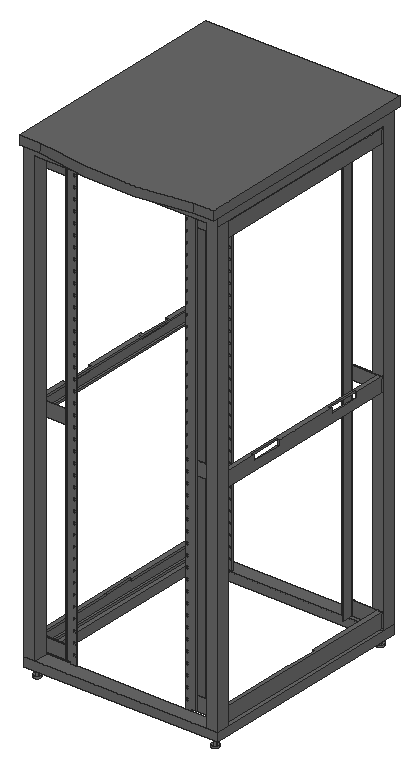
Revit family "V81A-42U-03.04.14", category Electrical Equipment, Revit 2013
Parameters (values of type "V81A-42U")
  Weight = 0.00 lbf
  Visibility Door Right [instance] = and(Side Panel Right, not(Hide Doors))  # no
  Visibility Door Left [instance] = and(Side Panel Left, not(Hide Doors))  # no
  Visibility Door Front [instance] = and(Door Front, not(Hide Doors))  # no
  Visibility Door Back [instance] = and(Door Back, not(Hide Doors))  # no
  Version = ""
  Usable Depth = 806.00 mm
  U/M = "EA"
  U Space = "42"
  System = "VPOD"
  Side Panel Right = no
  Side Panel Left = no
  Serial Number = ""
  Segment = "CSS"
  Ports = 0
  Mounting rail 45 U = SIEMON STEEL
  Mounting Rail Material = SIEMON STEEL
  Model = "V81A"
  Metal = SIEMON STEEL
  Manufacturer = "SIEMON"
  Lock = ""
  Loaded/Empty = "N/A"
  Item Group = "RACKS"
  Item Class = "1F"
  Hide Doors [instance] = no
  Door Front = no
  Door Construction Side = if(and(Side Panel Right, Side Panel Left), 2, if(and(not(Side Panel Right), not(Side Panel Left)), 0, 1))  # 0
  Door Construction Front = ""
  Door Construction Back = ""
  Door Back = no
  Description = "WARNING: PLEASE RELOAD FAMILY USING THE TYPE CATALOG"
  Color = "BLACK"
  Cabinet Width Overall = 800.00 mm
  Cabinet Height = 2016.00 mm
  Cabinet Depth = 1000.00 mm
Reference planes
  plane 1 "Center (Front/Back)": y = 0
  plane 2: z = 0
  plane 3 "Center (Left/Right)": x = 0
  plane 4: z = 1922.5
  plane 5: z = 1878.05
  plane 6: z = 1833.6
  plane 7: z = 1789.15
  plane 8: z = 1744.7
  plane 9: z = 1700.25
  plane 10: z = 1655.8
  plane 11: z = 1611.35
  plane 12: z = 1566.9
  plane 13: z = 1522.45
  plane 14: z = 1478
  plane 15: z = 1433.55
  plane 16: z = 1389.1
  plane 17: z = 1344.65
  plane 18: z = 1300.2
  plane 19: z = 1255.75
  plane 20: z = 1211.3
  plane 21: z = 1166.85
  plane 22: z = 1122.4
  plane 23: z = 1077.95
  plane 24: z = 1033.5
  plane 25: z = 989.05
  plane 26: z = 944.6
  plane 27: z = 900.15
  plane 28: z = 855.7
  plane 29: z = 811.25
  plane 30: z = 766.8
  plane 31: z = 722.35
  plane 32: z = 677.9
  plane 33: z = 633.45
  plane 34: z = 589
  plane 35: z = 544.55
  plane 36: z = 500.1
  plane 37: z = 455.65
  plane 38: z = 411.2
  plane 39: z = 366.75
  plane 40: z = 322.3
  plane 41: z = 277.85
  plane 42: z = 233.4
  plane 43: z = 188.95
  plane 44: z = 144.5
  plane 45: z = 100.05
Forms (mm)
  Extrusion 1, solid, material "SIEMON STEEL" <- "Mounting rail 45 U"
    sketch origin (-0.234, -15, -124) x (1, 0, 0) y (0, 1, 0)
      loop
        line (501.3, 985.014) -> (-298.7, 985.014) -> (-298.7, 75) -> (501.3, 75) -> (501.3, 985.014)
    from 2067.5 to 2098.45
  Extrusion 2, solid, material "SIEMON STEEL" <- "Mounting rail 45 U"
    sketch origin (-0.106, -90, 10) x (1, 0, 0) y (0, 1, 0)
      loop
        line (454.922, 202.733) -> (454.922, 150) -> (500.922, 150) -> (500.922, 202.733) -> (454.922, 202.733)
      loop
        line (-298.75, 202.733) -> (-298.75, 150) -> (-252.75, 150) -> (-252.75, 202.733) -> (-298.75, 202.733)
      loop
        line (501.172, 1007.872) -> (501.172, 1060) -> (455.163, 1060) -> (455.163, 1007.872) -> (501.172, 1007.872)
      loop
        line (-298.75, 1007.872) -> (-252.75, 1007.872) -> (-252.75, 1060) -> (-298.75, 1060) -> (-298.75, 1007.872)
    from 62.8 to 1933.516
  Extrusion 3, solid, material "SIEMON STEEL" <- "Mounting Rail Material"
    sketch origin (0.02, 0, 7.5) x (1, 0, 0) y (0, 1, 0)
      loop
        line (-298.72, 970.014) -> (-298.72, 60) -> (501.366, 60) -> (501.366, 970.014) -> (-298.72, 970.014)
      loop
        line (-265, 913.302) -> (-265, 116.7) -> (465, 116.7) -> (465, 913.302) -> (-265, 913.302)
    from 29.931 to 65.3
  Extrusion 4, solid, material "Cold rolled steel (CRS)"
    sketch origin (179.665, 547.951, 0) x (1, 0, 0) y (0, 1, 0)
      loop
        circle (289.695, 392.503) r 15
    from 0 to 5.027
  Extrusion 5, solid
    sketch origin (319.561, 0, 0) x (1, 0, 0) y (0, 1, 0)
      loop
        circle (149.594, 940.281) r 6
    from 5.027 to 37.431
  Extrusion 6, solid, material "Cold rolled steel (CRS)"
    sketch origin (759.046, 480.196, 0) x (-1, 0, 0) y (0, -1, 0)
      loop
        circle (289.695, 392.503) r 15
    from 0 to 5.027
  Extrusion 7, solid
    sketch origin (618.75, 1028.147, 2.069) x (-1, 0, 0) y (0, -1, 0)
      loop
        circle (149.594, 940.281) r 6
    from 2.958 to 35.361
  Extrusion 8, solid, material "SIEMON STEEL"
    sketch origin (0, -0.108, -124) x (1, 0, 0) y (0, 1, 0)
      loop
        line (-298.7, 37.656) -> (-214.7, 37.656)
        arc (-214.7, 37.656) -> (101.3, 0.156) -> (417.3, 37.656) r 1350.163
        line (417.3, 37.656) -> (501.3, 37.656) -> (501.3, 1000.156) -> (-298.7, 1000.156) -> (-298.7, 37.656)
    from 2102.5 to 2140
  Extrusion 9, solid, material "Cold rolled steel (CRS)"
    sketch origin (23.022, 547.951, 0) x (-1, 0, 0) y (0, -1, 0)
      loop
        circle (289.695, -392.503) r 15
    from 0 to 5.027
  Extrusion 10, solid
    sketch origin (-116.874, 0, 0) x (-1, 0, 0) y (0, -1, 0)
      loop
        circle (149.594, -940.281) r 6
    from 5.027 to 37.431
  Extrusion 11, solid, material "Cold rolled steel (CRS)"
    sketch origin (-556.36, 480.196, 0) x (1, 0, 0) y (0, 1, 0)
      loop
        circle (289.695, -392.503) r 15
    from 0 to 5.027
  Extrusion 12, solid
    sketch origin (-416.064, 1028.147, 2.069) x (1, 0, 0) y (0, 1, 0)
      loop
        circle (149.594, -940.281) r 6
    from 2.958 to 35.361
Cuts and joins
  joined: Extrusion 1, Extrusion 2
Lines and regions (mm)
  symbolic lines, detail levels fine
    curve 1: line (256.65, 1060, 61.35) -> (256.65, 1060, 65.3)
  model lines, detail levels coarse+fine
    curve 2: circle (343.086, 958.058, 2018.227) r 3.361 normal (0, 0, 1)
    curve 3: circle (-139.74, 958.058, 2018.227) r 3.361 normal (0, 0, -1)
    curve 4: line (330.642, 917.949, 2018.227) -> (-126.77, 917.949, 2018.227)
    curve 5: line (334.645, 913.946, 2018.227) -> (330.642, 917.949, 2018.227)
    curve 6: circle (-51.247, 904.531, 2018.227) r 6.221 normal (0, 0, 1)
    curve 7: circle (274.43, 904.531, 2018.227) r 6.221 normal (0, 0, 1)
    curve 8: line (330.642, 752.672, 2018.227) -> (-126.77, 752.672, 2018.227)
    curve 9: line (-126.77, 752.672, 2018.227) -> (-130.773, 756.674, 2018.227)
    curve 10: line (-130.773, 756.674, 2018.227) -> (-130.773, 913.946, 2018.227)
    curve 11: line (334.645, 913.946, 2018.227) -> (334.645, 756.674, 2018.227)
    curve 12: line (334.645, 756.674, 2018.227) -> (330.642, 752.672, 2018.227)
    curve 13: circle (-51.247, 766.09, 2018.227) r 6.221 normal (0, 0, -1)
    curve 14: circle (274.43, 766.09, 2018.227) r 6.221 normal (0, 0, -1)
    curve 15: line (-130.773, 913.946, 2018.227) -> (-126.77, 917.949, 2018.227)
    curve 16: line (-187.208, 194.955, 2018.227) -> (-187.208, 483.08, 2018.227)
    curve 17: line (-255.64, 483.08, 2018.227) -> (-255.64, 194.955, 2018.227)
    curve 18: line (-252.64, 483.08, 2018.227) -> (-252.64, 194.955, 2018.227)
    curve 19: line (-190.208, 194.955, 2018.227) -> (-190.208, 483.08, 2018.227)
    curve 20: line (-187.208, 561.83, 2018.227) -> (-187.208, 849.955, 2018.227)
    curve 21: line (-255.64, 849.955, 2018.227) -> (-255.64, 561.83, 2018.227)
    curve 22: line (-252.64, 849.955, 2018.227) -> (-252.64, 561.83, 2018.227)
    curve 23: line (-190.208, 561.83, 2018.227) -> (-190.208, 849.955, 2018.227)
    curve 24: line (389.808, 194.955, 2018.227) -> (389.808, 483.08, 2018.227)
    curve 25: line (458.24, 483.08, 2018.227) -> (458.24, 194.955, 2018.227)
    curve 26: line (455.24, 483.08, 2018.227) -> (455.24, 194.955, 2018.227)
    curve 27: line (392.808, 194.955, 2018.227) -> (392.808, 483.08, 2018.227)
    curve 28: line (389.808, 561.83, 2018.227) -> (389.808, 849.955, 2018.227)
    curve 29: line (458.24, 849.955, 2018.227) -> (458.24, 561.83, 2018.227)
    curve 30: line (455.24, 849.955, 2018.227) -> (455.24, 561.83, 2018.227)
    curve 31: line (392.808, 561.83, 2018.227) -> (392.808, 849.955, 2018.227)
    curve 32: line (330.642, 727.637, 2018.227) -> (-126.77, 727.637, 2018.227)
    curve 33: line (334.645, 723.634, 2018.227) -> (330.642, 727.637, 2018.227)
    curve 34: circle (-51.247, 714.219, 2018.227) r 6.221 normal (0, 0, 1)
    curve 35: circle (274.43, 714.219, 2018.227) r 6.221 normal (0, 0, 1)
    curve 36: line (330.642, 562.359, 2018.227) -> (-126.77, 562.359, 2018.227)
    curve 37: line (-126.77, 562.359, 2018.227) -> (-130.773, 566.362, 2018.227)
    curve 38: line (-130.773, 566.362, 2018.227) -> (-130.773, 723.634, 2018.227)
    curve 39: line (334.645, 723.634, 2018.227) -> (334.645, 566.362, 2018.227)
    curve 40: line (334.645, 566.362, 2018.227) -> (330.642, 562.359, 2018.227)
    curve 41: circle (-51.247, 575.777, 2018.227) r 6.221 normal (0, 0, -1)
    curve 42: circle (274.43, 575.777, 2018.227) r 6.221 normal (0, 0, -1)
    curve 43: line (-130.773, 723.634, 2018.227) -> (-126.77, 727.637, 2018.227)
    curve 44: line (330.642, 281.699, 2018.227) -> (-126.77, 281.699, 2018.227)
    curve 45: line (334.645, 277.696, 2018.227) -> (330.642, 281.699, 2018.227)
    curve 46: circle (-51.247, 268.281, 2018.227) r 6.221 normal (0, 0, 1)
    curve 47: circle (274.43, 268.281, 2018.227) r 6.221 normal (0, 0, 1)
    curve 48: line (330.642, 116.422, 2018.227) -> (-126.77, 116.422, 2018.227)
    curve 49: line (-126.77, 116.422, 2018.227) -> (-130.773, 120.424, 2018.227)
    curve 50: line (-130.773, 120.424, 2018.227) -> (-130.773, 277.696, 2018.227)
    curve 51: line (334.645, 277.696, 2018.227) -> (334.645, 120.424, 2018.227)
    curve 52: line (334.645, 120.424, 2018.227) -> (330.642, 116.422, 2018.227)
    curve 53: circle (-51.247, 129.84, 2018.227) r 6.221 normal (0, 0, -1)
    curve 54: circle (274.43, 129.84, 2018.227) r 6.221 normal (0, 0, -1)
    curve 55: line (-130.773, 277.696, 2018.227) -> (-126.77, 281.699, 2018.227)
    curve 72: circle (424.43, 889.531, 2018.227) r 6.221 normal (0, 0, 1)
    curve 73: circle (-221.83, 889.531, 2018.227) r 6.221 normal (0, 0, -1)
    curve 74: circle (424.43, 522.031, 2018.227) r 6.221 normal (0, 0, 1)
    curve 75: circle (-224.33, 522.031, 2018.227) r 6.221 normal (0, 0, -1)
    curve 76: circle (343.086, 79.539, 2018.227) r 3.361 normal (0, 0, -1)
    curve 77: circle (-139.74, 79.539, 2018.227) r 3.361 normal (0, 0, 1)
    curve 78: circle (424.43, 148.066, 2018.227) r 6.221 normal (0, 0, -1)
    curve 79: circle (-221.83, 148.066, 2018.227) r 6.221 normal (0, 0, 1)
  model lines
    curve 56: arc (-255.64, 483.08, 2018.227) -> (-221.424, 509.507, 2018.227) -> (-187.208, 483.08, 2018.227) r 35.364
    curve 57: arc (-252.64, 483.08, 2018.227) -> (-221.424, 506.491, 2018.227) -> (-190.208, 483.08, 2018.227) r 32.517
    curve 58: arc (-255.64, 194.955, 2018.227) -> (-221.424, 168.528, 2018.227) -> (-187.208, 194.955, 2018.227) r 35.364
    curve 59: arc (-252.64, 194.955, 2018.227) -> (-221.424, 171.544, 2018.227) -> (-190.208, 194.955, 2018.227) r 32.517
    curve 60: arc (-255.64, 849.955, 2018.227) -> (-221.424, 876.382, 2018.227) -> (-187.208, 849.955, 2018.227) r 35.364
    curve 61: arc (-252.64, 849.955, 2018.227) -> (-221.424, 873.366, 2018.227) -> (-190.208, 849.955, 2018.227) r 32.517
    curve 62: arc (-255.64, 561.83, 2018.227) -> (-221.424, 535.403, 2018.227) -> (-187.208, 561.83, 2018.227) r 35.364
    curve 63: arc (-252.64, 561.83, 2018.227) -> (-221.424, 538.419, 2018.227) -> (-190.208, 561.83, 2018.227) r 32.517
    curve 64: arc (458.24, 483.08, 2018.227) -> (424.024, 509.507, 2018.227) -> (389.808, 483.08, 2018.227) r 35.364
    curve 65: arc (455.24, 483.08, 2018.227) -> (424.024, 506.491, 2018.227) -> (392.808, 483.08, 2018.227) r 32.517
    curve 66: arc (458.24, 194.955, 2018.227) -> (424.024, 168.528, 2018.227) -> (389.808, 194.955, 2018.227) r 35.364
    curve 67: arc (455.24, 194.955, 2018.227) -> (424.024, 171.544, 2018.227) -> (392.808, 194.955, 2018.227) r 32.517
    curve 68: arc (458.24, 849.955, 2018.227) -> (424.024, 876.382, 2018.227) -> (389.808, 849.955, 2018.227) r 35.364
    curve 69: arc (455.24, 849.955, 2018.227) -> (424.024, 873.366, 2018.227) -> (392.808, 849.955, 2018.227) r 32.517
    curve 70: arc (458.24, 561.83, 2018.227) -> (424.024, 535.403, 2018.227) -> (389.808, 561.83, 2018.227) r 35.364
    curve 71: arc (455.24, 561.83, 2018.227) -> (424.024, 538.419, 2018.227) -> (392.808, 561.83, 2018.227) r 32.517
    curve 80: line (471.49, 916.074, 2018.227) -> (471.49, 919.074, 2018.227)
    curve 81: line (471.49, 919.074, 2018.227) -> (475.49, 919.074, 2018.227)
    curve 82: line (475.49, 919.074, 2018.227) -> (475.49, 921.074, 2018.227)
    curve 83: line (475.49, 921.074, 2018.227) -> (481.49, 921.074, 2018.227)
    curve 84: line (485.49, 916.074, 2018.227) -> (485.49, 919.074, 2018.227)
    curve 85: line (485.49, 919.074, 2018.227) -> (481.49, 919.074, 2018.227)
    curve 86: line (481.49, 919.074, 2018.227) -> (481.49, 921.074, 2018.227)
    curve 87: line (471.49, 916.074, 2018.227) -> (475.49, 916.074, 2018.227)
    curve 88: line (475.49, 916.074, 2018.227) -> (475.49, 914.074, 2018.227)
    curve 89: line (475.49, 914.074, 2018.227) -> (481.49, 914.074, 2018.227)
    curve 90: line (485.49, 916.074, 2018.227) -> (481.49, 916.074, 2018.227)
    curve 91: line (481.49, 916.074, 2018.227) -> (481.49, 914.074, 2018.227)
    curve 92: line (471.49, 885.074, 2018.227) -> (471.49, 882.074, 2018.227)
    curve 93: line (471.49, 882.074, 2018.227) -> (475.49, 882.074, 2018.227)
    curve 94: line (475.49, 882.074, 2018.227) -> (475.49, 880.074, 2018.227)
    curve 95: line (475.49, 880.074, 2018.227) -> (481.49, 880.074, 2018.227)
    curve 96: line (485.49, 885.074, 2018.227) -> (485.49, 882.074, 2018.227)
    curve 97: line (485.49, 882.074, 2018.227) -> (481.49, 882.074, 2018.227)
    curve 98: line (481.49, 882.074, 2018.227) -> (481.49, 880.074, 2018.227)
    curve 99: line (471.49, 885.074, 2018.227) -> (475.49, 885.074, 2018.227)
    curve 100: line (475.49, 885.074, 2018.227) -> (475.49, 887.074, 2018.227)
    curve 101: line (475.49, 887.074, 2018.227) -> (481.49, 887.074, 2018.227)
    curve 102: line (485.49, 885.074, 2018.227) -> (481.49, 885.074, 2018.227)
    curve 103: line (481.49, 885.074, 2018.227) -> (481.49, 887.074, 2018.227)
    curve 104: line (471.49, 848.074, 2018.227) -> (471.49, 851.074, 2018.227)
    curve 105: line (471.49, 851.074, 2018.227) -> (475.49, 851.074, 2018.227)
    curve 106: line (475.49, 851.074, 2018.227) -> (475.49, 853.074, 2018.227)
    curve 107: line (475.49, 853.074, 2018.227) -> (481.49, 853.074, 2018.227)
    curve 108: line (485.49, 848.074, 2018.227) -> (485.49, 851.074, 2018.227)
    curve 109: line (485.49, 851.074, 2018.227) -> (481.49, 851.074, 2018.227)
    curve 110: line (481.49, 851.074, 2018.227) -> (481.49, 853.074, 2018.227)
    curve 111: line (471.49, 848.074, 2018.227) -> (475.49, 848.074, 2018.227)
    curve 112: line (475.49, 848.074, 2018.227) -> (475.49, 846.074, 2018.227)
    curve 113: line (475.49, 846.074, 2018.227) -> (481.49, 846.074, 2018.227)
    curve 114: line (485.49, 848.074, 2018.227) -> (481.49, 848.074, 2018.227)
    curve 115: line (481.49, 848.074, 2018.227) -> (481.49, 846.074, 2018.227)
    curve 116: line (471.49, 780.074, 2018.227) -> (471.49, 783.074, 2018.227)
    curve 117: line (471.49, 783.074, 2018.227) -> (475.49, 783.074, 2018.227)
    curve 118: line (475.49, 783.074, 2018.227) -> (475.49, 785.074, 2018.227)
    curve 119: line (475.49, 785.074, 2018.227) -> (481.49, 785.074, 2018.227)
    curve 120: line (485.49, 780.074, 2018.227) -> (485.49, 783.074, 2018.227)
    curve 121: line (485.49, 783.074, 2018.227) -> (481.49, 783.074, 2018.227)
    curve 122: line (481.49, 783.074, 2018.227) -> (481.49, 785.074, 2018.227)
    curve 123: line (471.49, 780.074, 2018.227) -> (475.49, 780.074, 2018.227)
    curve 124: line (475.49, 780.074, 2018.227) -> (475.49, 778.074, 2018.227)
    curve 125: line (475.49, 778.074, 2018.227) -> (481.49, 778.074, 2018.227)
    curve 126: line (485.49, 780.074, 2018.227) -> (481.49, 780.074, 2018.227)
    curve 127: line (481.49, 780.074, 2018.227) -> (481.49, 778.074, 2018.227)
    curve 128: line (471.49, 817.074, 2018.227) -> (471.49, 814.074, 2018.227)
    curve 129: line (471.49, 814.074, 2018.227) -> (475.49, 814.074, 2018.227)
    curve 130: line (475.49, 814.074, 2018.227) -> (475.49, 812.074, 2018.227)
    curve 131: line (475.49, 812.074, 2018.227) -> (481.49, 812.074, 2018.227)
    curve 132: line (485.49, 817.074, 2018.227) -> (485.49, 814.074, 2018.227)
    curve 133: line (485.49, 814.074, 2018.227) -> (481.49, 814.074, 2018.227)
    curve 134: line (481.49, 814.074, 2018.227) -> (481.49, 812.074, 2018.227)
    curve 135: line (471.49, 817.074, 2018.227) -> (475.49, 817.074, 2018.227)
    curve 136: line (475.49, 817.074, 2018.227) -> (475.49, 819.074, 2018.227)
    curve 137: line (475.49, 819.074, 2018.227) -> (481.49, 819.074, 2018.227)
    curve 138: line (485.49, 817.074, 2018.227) -> (481.49, 817.074, 2018.227)
    curve 139: line (481.49, 817.074, 2018.227) -> (481.49, 819.074, 2018.227)
    curve 140: line (471.49, 681.074, 2018.227) -> (471.49, 678.074, 2018.227)
    curve 141: line (471.49, 678.074, 2018.227) -> (475.49, 678.074, 2018.227)
    curve 142: line (475.49, 678.074, 2018.227) -> (475.49, 676.074, 2018.227)
    curve 143: line (475.49, 676.074, 2018.227) -> (481.49, 676.074, 2018.227)
    curve 144: line (485.49, 681.074, 2018.227) -> (485.49, 678.074, 2018.227)
    curve 145: line (485.49, 678.074, 2018.227) -> (481.49, 678.074, 2018.227)
    curve 146: line (481.49, 678.074, 2018.227) -> (481.49, 676.074, 2018.227)
    curve 147: line (471.49, 681.074, 2018.227) -> (475.49, 681.074, 2018.227)
    curve 148: line (475.49, 681.074, 2018.227) -> (475.49, 683.074, 2018.227)
    curve 149: line (475.49, 683.074, 2018.227) -> (481.49, 683.074, 2018.227)
    curve 150: line (485.49, 681.074, 2018.227) -> (481.49, 681.074, 2018.227)
    curve 151: line (481.49, 681.074, 2018.227) -> (481.49, 683.074, 2018.227)
    curve 152: line (471.49, 749.074, 2018.227) -> (471.49, 746.074, 2018.227)
    curve 153: line (471.49, 746.074, 2018.227) -> (475.49, 746.074, 2018.227)
    curve 154: line (475.49, 746.074, 2018.227) -> (475.49, 744.074, 2018.227)
    curve 155: line (475.49, 744.074, 2018.227) -> (481.49, 744.074, 2018.227)
    curve 156: line (485.49, 749.074, 2018.227) -> (485.49, 746.074, 2018.227)
    curve 157: line (485.49, 746.074, 2018.227) -> (481.49, 746.074, 2018.227)
    curve 158: line (481.49, 746.074, 2018.227) -> (481.49, 744.074, 2018.227)
    curve 159: line (471.49, 749.074, 2018.227) -> (475.49, 749.074, 2018.227)
    curve 160: line (475.49, 749.074, 2018.227) -> (475.49, 751.074, 2018.227)
    curve 161: line (475.49, 751.074, 2018.227) -> (481.49, 751.074, 2018.227)
    curve 162: line (485.49, 749.074, 2018.227) -> (481.49, 749.074, 2018.227)
    curve 163: line (481.49, 749.074, 2018.227) -> (481.49, 751.074, 2018.227)
    curve 164: line (471.49, 712.074, 2018.227) -> (471.49, 715.074, 2018.227)
    curve 165: line (471.49, 715.074, 2018.227) -> (475.49, 715.074, 2018.227)
    curve 166: line (475.49, 715.074, 2018.227) -> (475.49, 717.074, 2018.227)
    curve 167: line (475.49, 717.074, 2018.227) -> (481.49, 717.074, 2018.227)
    curve 168: line (485.49, 712.074, 2018.227) -> (485.49, 715.074, 2018.227)
    curve 169: line (485.49, 715.074, 2018.227) -> (481.49, 715.074, 2018.227)
    curve 170: line (481.49, 715.074, 2018.227) -> (481.49, 717.074, 2018.227)
    curve 171: line (471.49, 712.074, 2018.227) -> (475.49, 712.074, 2018.227)
    curve 172: line (475.49, 712.074, 2018.227) -> (475.49, 710.074, 2018.227)
    curve 173: line (475.49, 710.074, 2018.227) -> (481.49, 710.074, 2018.227)
    curve 174: line (485.49, 712.074, 2018.227) -> (481.49, 712.074, 2018.227)
    curve 175: line (481.49, 712.074, 2018.227) -> (481.49, 710.074, 2018.227)
    curve 176: line (471.49, 440.074, 2018.227) -> (471.49, 443.074, 2018.227)
    curve 177: line (471.49, 443.074, 2018.227) -> (475.49, 443.074, 2018.227)
    curve 178: line (475.49, 443.074, 2018.227) -> (475.49, 445.074, 2018.227)
    curve 179: line (475.49, 445.074, 2018.227) -> (481.49, 445.074, 2018.227)
    curve 180: line (485.49, 440.074, 2018.227) -> (485.49, 443.074, 2018.227)
    curve 181: line (485.49, 443.074, 2018.227) -> (481.49, 443.074, 2018.227)
    curve 182: line (481.49, 443.074, 2018.227) -> (481.49, 445.074, 2018.227)
    curve 183: line (471.49, 440.074, 2018.227) -> (475.49, 440.074, 2018.227)
    curve 184: line (475.49, 440.074, 2018.227) -> (475.49, 438.074, 2018.227)
    curve 185: line (475.49, 438.074, 2018.227) -> (481.49, 438.074, 2018.227)
    curve 186: line (485.49, 440.074, 2018.227) -> (481.49, 440.074, 2018.227)
    curve 187: line (481.49, 440.074, 2018.227) -> (481.49, 438.074, 2018.227)
    curve 188: line (471.49, 477.074, 2018.227) -> (471.49, 474.074, 2018.227)
    curve 189: line (471.49, 474.074, 2018.227) -> (475.49, 474.074, 2018.227)
    curve 190: line (475.49, 474.074, 2018.227) -> (475.49, 472.074, 2018.227)
    curve 191: line (475.49, 472.074, 2018.227) -> (481.49, 472.074, 2018.227)
    curve 192: line (485.49, 477.074, 2018.227) -> (485.49, 474.074, 2018.227)
    curve 193: line (485.49, 474.074, 2018.227) -> (481.49, 474.074, 2018.227)
    curve 194: line (481.49, 474.074, 2018.227) -> (481.49, 472.074, 2018.227)
    curve 195: line (471.49, 477.074, 2018.227) -> (475.49, 477.074, 2018.227)
    curve 196: line (475.49, 477.074, 2018.227) -> (475.49, 479.074, 2018.227)
    curve 197: line (475.49, 479.074, 2018.227) -> (481.49, 479.074, 2018.227)
    curve 198: line (485.49, 477.074, 2018.227) -> (481.49, 477.074, 2018.227)
    curve 199: line (481.49, 477.074, 2018.227) -> (481.49, 479.074, 2018.227)
    curve 200: line (471.49, 545.074, 2018.227) -> (471.49, 542.074, 2018.227)
    curve 201: line (471.49, 542.074, 2018.227) -> (475.49, 542.074, 2018.227)
    curve 202: line (475.49, 542.074, 2018.227) -> (475.49, 540.074, 2018.227)
    curve 203: line (475.49, 540.074, 2018.227) -> (481.49, 540.074, 2018.227)
    curve 204: line (485.49, 545.074, 2018.227) -> (485.49, 542.074, 2018.227)
    curve 205: line (485.49, 542.074, 2018.227) -> (481.49, 542.074, 2018.227)
    curve 206: line (481.49, 542.074, 2018.227) -> (481.49, 540.074, 2018.227)
    curve 207: line (471.49, 545.074, 2018.227) -> (475.49, 545.074, 2018.227)
    curve 208: line (475.49, 545.074, 2018.227) -> (475.49, 547.074, 2018.227)
    curve 209: line (475.49, 547.074, 2018.227) -> (481.49, 547.074, 2018.227)
    curve 210: line (485.49, 545.074, 2018.227) -> (481.49, 545.074, 2018.227)
    curve 211: line (481.49, 545.074, 2018.227) -> (481.49, 547.074, 2018.227)
    curve 212: line (471.49, 508.074, 2018.227) -> (471.49, 511.074, 2018.227)
    curve 213: line (471.49, 511.074, 2018.227) -> (475.49, 511.074, 2018.227)
    curve 214: line (475.49, 511.074, 2018.227) -> (475.49, 513.074, 2018.227)
    curve 215: line (475.49, 513.074, 2018.227) -> (481.49, 513.074, 2018.227)
    curve 216: line (485.49, 508.074, 2018.227) -> (485.49, 511.074, 2018.227)
    curve 217: line (485.49, 511.074, 2018.227) -> (481.49, 511.074, 2018.227)
    curve 218: line (481.49, 511.074, 2018.227) -> (481.49, 513.074, 2018.227)
    curve 219: line (471.49, 508.074, 2018.227) -> (475.49, 508.074, 2018.227)
    curve 220: line (475.49, 508.074, 2018.227) -> (475.49, 506.074, 2018.227)
    curve 221: line (475.49, 506.074, 2018.227) -> (481.49, 506.074, 2018.227)
    curve 222: line (485.49, 508.074, 2018.227) -> (481.49, 508.074, 2018.227)
    curve 223: line (481.49, 508.074, 2018.227) -> (481.49, 506.074, 2018.227)
    curve 224: line (471.49, 644.074, 2018.227) -> (471.49, 647.074, 2018.227)
    curve 225: line (471.49, 647.074, 2018.227) -> (475.49, 647.074, 2018.227)
    curve 226: line (475.49, 647.074, 2018.227) -> (475.49, 649.074, 2018.227)
    curve 227: line (475.49, 649.074, 2018.227) -> (481.49, 649.074, 2018.227)
    curve 228: line (485.49, 644.074, 2018.227) -> (485.49, 647.074, 2018.227)
    curve 229: line (485.49, 647.074, 2018.227) -> (481.49, 647.074, 2018.227)
    curve 230: line (481.49, 647.074, 2018.227) -> (481.49, 649.074, 2018.227)
    curve 231: line (471.49, 644.074, 2018.227) -> (475.49, 644.074, 2018.227)
    curve 232: line (475.49, 644.074, 2018.227) -> (475.49, 642.074, 2018.227)
    curve 233: line (475.49, 642.074, 2018.227) -> (481.49, 642.074, 2018.227)
    curve 234: line (485.49, 644.074, 2018.227) -> (481.49, 644.074, 2018.227)
    curve 235: line (481.49, 644.074, 2018.227) -> (481.49, 642.074, 2018.227)
    curve 236: line (471.49, 576.074, 2018.227) -> (471.49, 579.074, 2018.227)
    curve 237: line (471.49, 579.074, 2018.227) -> (475.49, 579.074, 2018.227)
    curve 238: line (475.49, 579.074, 2018.227) -> (475.49, 581.074, 2018.227)
    curve 239: line (475.49, 581.074, 2018.227) -> (481.49, 581.074, 2018.227)
    curve 240: line (485.49, 576.074, 2018.227) -> (485.49, 579.074, 2018.227)
    curve 241: line (485.49, 579.074, 2018.227) -> (481.49, 579.074, 2018.227)
    curve 242: line (481.49, 579.074, 2018.227) -> (481.49, 581.074, 2018.227)
    curve 243: line (471.49, 576.074, 2018.227) -> (475.49, 576.074, 2018.227)
    curve 244: line (475.49, 576.074, 2018.227) -> (475.49, 574.074, 2018.227)
    curve 245: line (475.49, 574.074, 2018.227) -> (481.49, 574.074, 2018.227)
    curve 246: line (485.49, 576.074, 2018.227) -> (481.49, 576.074, 2018.227)
    curve 247: line (481.49, 576.074, 2018.227) -> (481.49, 574.074, 2018.227)
    curve 248: line (471.49, 613.074, 2018.227) -> (471.49, 610.074, 2018.227)
    curve 249: line (471.49, 610.074, 2018.227) -> (475.49, 610.074, 2018.227)
    curve 250: line (475.49, 610.074, 2018.227) -> (475.49, 608.074, 2018.227)
    curve 251: line (475.49, 608.074, 2018.227) -> (481.49, 608.074, 2018.227)
    curve 252: line (485.49, 613.074, 2018.227) -> (485.49, 610.074, 2018.227)
    curve 253: line (485.49, 610.074, 2018.227) -> (481.49, 610.074, 2018.227)
    curve 254: line (481.49, 610.074, 2018.227) -> (481.49, 608.074, 2018.227)
    curve 255: line (471.49, 613.074, 2018.227) -> (475.49, 613.074, 2018.227)
    curve 256: line (475.49, 613.074, 2018.227) -> (475.49, 615.074, 2018.227)
    curve 257: line (475.49, 615.074, 2018.227) -> (481.49, 615.074, 2018.227)
    curve 258: line (485.49, 613.074, 2018.227) -> (481.49, 613.074, 2018.227)
    curve 259: line (481.49, 613.074, 2018.227) -> (481.49, 615.074, 2018.227)
    curve 260: line (471.49, 168.074, 2018.227) -> (471.49, 171.074, 2018.227)
    curve 261: line (471.49, 171.074, 2018.227) -> (475.49, 171.074, 2018.227)
    curve 262: line (475.49, 171.074, 2018.227) -> (475.49, 173.074, 2018.227)
    curve 263: line (475.49, 173.074, 2018.227) -> (481.49, 173.074, 2018.227)
    curve 264: line (485.49, 168.074, 2018.227) -> (485.49, 171.074, 2018.227)
    curve 265: line (485.49, 171.074, 2018.227) -> (481.49, 171.074, 2018.227)
    curve 266: line (481.49, 171.074, 2018.227) -> (481.49, 173.074, 2018.227)
    curve 267: line (471.49, 168.074, 2018.227) -> (475.49, 168.074, 2018.227)
    curve 268: line (475.49, 168.074, 2018.227) -> (475.49, 166.074, 2018.227)
    curve 269: line (475.49, 166.074, 2018.227) -> (481.49, 166.074, 2018.227)
    curve 270: line (485.49, 168.074, 2018.227) -> (481.49, 168.074, 2018.227)
    curve 271: line (481.49, 168.074, 2018.227) -> (481.49, 166.074, 2018.227)
    curve 272: line (471.49, 100.074, 2018.227) -> (471.49, 103.074, 2018.227)
    curve 273: line (471.49, 103.074, 2018.227) -> (475.49, 103.074, 2018.227)
    curve 274: line (475.49, 103.074, 2018.227) -> (475.49, 105.074, 2018.227)
    curve 275: line (475.49, 105.074, 2018.227) -> (481.49, 105.074, 2018.227)
    curve 276: line (485.49, 100.074, 2018.227) -> (485.49, 103.074, 2018.227)
    curve 277: line (485.49, 103.074, 2018.227) -> (481.49, 103.074, 2018.227)
    curve 278: line (481.49, 103.074, 2018.227) -> (481.49, 105.074, 2018.227)
    curve 279: line (471.49, 100.074, 2018.227) -> (475.49, 100.074, 2018.227)
    curve 280: line (475.49, 100.074, 2018.227) -> (475.49, 98.074, 2018.227)
    curve 281: line (475.49, 98.074, 2018.227) -> (481.49, 98.074, 2018.227)
    curve 282: line (485.49, 100.074, 2018.227) -> (481.49, 100.074, 2018.227)
    curve 283: line (481.49, 100.074, 2018.227) -> (481.49, 98.074, 2018.227)
    curve 284: line (471.49, 137.074, 2018.227) -> (471.49, 134.074, 2018.227)
    curve 285: line (471.49, 134.074, 2018.227) -> (475.49, 134.074, 2018.227)
    curve 286: line (475.49, 134.074, 2018.227) -> (475.49, 132.074, 2018.227)
    curve 287: line (475.49, 132.074, 2018.227) -> (481.49, 132.074, 2018.227)
    curve 288: line (485.49, 137.074, 2018.227) -> (485.49, 134.074, 2018.227)
    curve 289: line (485.49, 134.074, 2018.227) -> (481.49, 134.074, 2018.227)
    curve 290: line (481.49, 134.074, 2018.227) -> (481.49, 132.074, 2018.227)
    curve 291: line (471.49, 137.074, 2018.227) -> (475.49, 137.074, 2018.227)
    curve 292: line (475.49, 137.074, 2018.227) -> (475.49, 139.074, 2018.227)
    curve 293: line (475.49, 139.074, 2018.227) -> (481.49, 139.074, 2018.227)
    curve 294: line (485.49, 137.074, 2018.227) -> (481.49, 137.074, 2018.227)
    curve 295: line (481.49, 137.074, 2018.227) -> (481.49, 139.074, 2018.227)
    curve 296: line (471.49, 409.074, 2018.227) -> (471.49, 406.074, 2018.227)
    curve 297: line (471.49, 406.074, 2018.227) -> (475.49, 406.074, 2018.227)
    curve 298: line (475.49, 406.074, 2018.227) -> (475.49, 404.074, 2018.227)
    curve 299: line (475.49, 404.074, 2018.227) -> (481.49, 404.074, 2018.227)
    curve 300: line (485.49, 409.074, 2018.227) -> (485.49, 406.074, 2018.227)
    curve 301: line (485.49, 406.074, 2018.227) -> (481.49, 406.074, 2018.227)
    curve 302: line (481.49, 406.074, 2018.227) -> (481.49, 404.074, 2018.227)
    curve 303: line (471.49, 409.074, 2018.227) -> (475.49, 409.074, 2018.227)
    curve 304: line (475.49, 409.074, 2018.227) -> (475.49, 411.074, 2018.227)
    curve 305: line (475.49, 411.074, 2018.227) -> (481.49, 411.074, 2018.227)
    curve 306: line (485.49, 409.074, 2018.227) -> (481.49, 409.074, 2018.227)
    curve 307: line (481.49, 409.074, 2018.227) -> (481.49, 411.074, 2018.227)
    curve 308: line (471.49, 372.074, 2018.227) -> (471.49, 375.074, 2018.227)
    curve 309: line (471.49, 375.074, 2018.227) -> (475.49, 375.074, 2018.227)
    curve 310: line (475.49, 375.074, 2018.227) -> (475.49, 377.074, 2018.227)
    curve 311: line (475.49, 377.074, 2018.227) -> (481.49, 377.074, 2018.227)
    curve 312: line (485.49, 372.074, 2018.227) -> (485.49, 375.074, 2018.227)
    curve 313: line (485.49, 375.074, 2018.227) -> (481.49, 375.074, 2018.227)
    curve 314: line (481.49, 375.074, 2018.227) -> (481.49, 377.074, 2018.227)
    curve 315: line (471.49, 372.074, 2018.227) -> (475.49, 372.074, 2018.227)
    curve 316: line (475.49, 372.074, 2018.227) -> (475.49, 370.074, 2018.227)
    curve 317: line (475.49, 370.074, 2018.227) -> (481.49, 370.074, 2018.227)
    curve 318: line (485.49, 372.074, 2018.227) -> (481.49, 372.074, 2018.227)
    curve 319: line (481.49, 372.074, 2018.227) -> (481.49, 370.074, 2018.227)
    curve 320: line (471.49, 304.074, 2018.227) -> (471.49, 307.074, 2018.227)
    curve 321: line (471.49, 307.074, 2018.227) -> (475.49, 307.074, 2018.227)
    curve 322: line (475.49, 307.074, 2018.227) -> (475.49, 309.074, 2018.227)
    curve 323: line (475.49, 309.074, 2018.227) -> (481.49, 309.074, 2018.227)
    curve 324: line (485.49, 304.074, 2018.227) -> (485.49, 307.074, 2018.227)
    curve 325: line (485.49, 307.074, 2018.227) -> (481.49, 307.074, 2018.227)
    curve 326: line (481.49, 307.074, 2018.227) -> (481.49, 309.074, 2018.227)
    curve 327: line (471.49, 304.074, 2018.227) -> (475.49, 304.074, 2018.227)
    curve 328: line (475.49, 304.074, 2018.227) -> (475.49, 302.074, 2018.227)
    curve 329: line (475.49, 302.074, 2018.227) -> (481.49, 302.074, 2018.227)
    curve 330: line (485.49, 304.074, 2018.227) -> (481.49, 304.074, 2018.227)
    curve 331: line (481.49, 304.074, 2018.227) -> (481.49, 302.074, 2018.227)
    curve 332: line (471.49, 341.074, 2018.227) -> (471.49, 338.074, 2018.227)
    curve 333: line (471.49, 338.074, 2018.227) -> (475.49, 338.074, 2018.227)
    curve 334: line (475.49, 338.074, 2018.227) -> (475.49, 336.074, 2018.227)
    curve 335: line (475.49, 336.074, 2018.227) -> (481.49, 336.074, 2018.227)
    curve 336: line (485.49, 341.074, 2018.227) -> (485.49, 338.074, 2018.227)
    curve 337: line (485.49, 338.074, 2018.227) -> (481.49, 338.074, 2018.227)
    curve 338: line (481.49, 338.074, 2018.227) -> (481.49, 336.074, 2018.227)
    curve 339: line (471.49, 341.074, 2018.227) -> (475.49, 341.074, 2018.227)
    curve 340: line (475.49, 341.074, 2018.227) -> (475.49, 343.074, 2018.227)
    curve 341: line (475.49, 343.074, 2018.227) -> (481.49, 343.074, 2018.227)
    curve 342: line (485.49, 341.074, 2018.227) -> (481.49, 341.074, 2018.227)
    curve 343: line (481.49, 341.074, 2018.227) -> (481.49, 343.074, 2018.227)
    curve 344: line (471.49, 205.074, 2018.227) -> (471.49, 202.074, 2018.227)
    curve 345: line (471.49, 202.074, 2018.227) -> (475.49, 202.074, 2018.227)
    curve 346: line (475.49, 202.074, 2018.227) -> (475.49, 200.074, 2018.227)
    curve 347: line (475.49, 200.074, 2018.227) -> (481.49, 200.074, 2018.227)
    curve 348: line (485.49, 205.074, 2018.227) -> (485.49, 202.074, 2018.227)
    curve 349: line (485.49, 202.074, 2018.227) -> (481.49, 202.074, 2018.227)
    curve 350: line (481.49, 202.074, 2018.227) -> (481.49, 200.074, 2018.227)
    curve 351: line (471.49, 205.074, 2018.227) -> (475.49, 205.074, 2018.227)
    curve 352: line (475.49, 205.074, 2018.227) -> (475.49, 207.074, 2018.227)
    curve 353: line (475.49, 207.074, 2018.227) -> (481.49, 207.074, 2018.227)
    curve 354: line (485.49, 205.074, 2018.227) -> (481.49, 205.074, 2018.227)
    curve 355: line (481.49, 205.074, 2018.227) -> (481.49, 207.074, 2018.227)
    curve 356: line (471.49, 273.074, 2018.227) -> (471.49, 270.074, 2018.227)
    curve 357: line (471.49, 270.074, 2018.227) -> (475.49, 270.074, 2018.227)
    curve 358: line (475.49, 270.074, 2018.227) -> (475.49, 268.074, 2018.227)
    curve 359: line (475.49, 268.074, 2018.227) -> (481.49, 268.074, 2018.227)
    curve 360: line (485.49, 273.074, 2018.227) -> (485.49, 270.074, 2018.227)
    curve 361: line (485.49, 270.074, 2018.227) -> (481.49, 270.074, 2018.227)
    curve 362: line (481.49, 270.074, 2018.227) -> (481.49, 268.074, 2018.227)
    curve 363: line (471.49, 273.074, 2018.227) -> (475.49, 273.074, 2018.227)
    curve 364: line (475.49, 273.074, 2018.227) -> (475.49, 275.074, 2018.227)
    curve 365: line (475.49, 275.074, 2018.227) -> (481.49, 275.074, 2018.227)
    curve 366: line (485.49, 273.074, 2018.227) -> (481.49, 273.074, 2018.227)
    curve 367: line (481.49, 273.074, 2018.227) -> (481.49, 275.074, 2018.227)
    curve 368: line (471.49, 236.074, 2018.227) -> (471.49, 239.074, 2018.227)
    curve 369: line (471.49, 239.074, 2018.227) -> (475.49, 239.074, 2018.227)
    curve 370: line (475.49, 239.074, 2018.227) -> (475.49, 241.074, 2018.227)
    curve 371: line (475.49, 241.074, 2018.227) -> (481.49, 241.074, 2018.227)
    curve 372: line (485.49, 236.074, 2018.227) -> (485.49, 239.074, 2018.227)
    curve 373: line (485.49, 239.074, 2018.227) -> (481.49, 239.074, 2018.227)
    curve 374: line (481.49, 239.074, 2018.227) -> (481.49, 241.074, 2018.227)
    curve 375: line (471.49, 236.074, 2018.227) -> (475.49, 236.074, 2018.227)
    curve 376: line (475.49, 236.074, 2018.227) -> (475.49, 234.074, 2018.227)
    curve 377: line (475.49, 234.074, 2018.227) -> (481.49, 234.074, 2018.227)
    curve 378: line (485.49, 236.074, 2018.227) -> (481.49, 236.074, 2018.227)
    curve 379: line (481.49, 236.074, 2018.227) -> (481.49, 234.074, 2018.227)
    curve 380: line (-268.89, 916.074, 2018.227) -> (-268.89, 919.074, 2018.227)
    curve 381: line (-268.89, 919.074, 2018.227) -> (-272.89, 919.074, 2018.227)
    curve 382: line (-272.89, 919.074, 2018.227) -> (-272.89, 921.074, 2018.227)
    curve 383: line (-272.89, 921.074, 2018.227) -> (-278.89, 921.074, 2018.227)
    curve 384: line (-282.89, 916.074, 2018.227) -> (-282.89, 919.074, 2018.227)
    curve 385: line (-282.89, 919.074, 2018.227) -> (-278.89, 919.074, 2018.227)
    curve 386: line (-278.89, 919.074, 2018.227) -> (-278.89, 921.074, 2018.227)
    curve 387: line (-268.89, 916.074, 2018.227) -> (-272.89, 916.074, 2018.227)
    curve 388: line (-272.89, 916.074, 2018.227) -> (-272.89, 914.074, 2018.227)
    curve 389: line (-272.89, 914.074, 2018.227) -> (-278.89, 914.074, 2018.227)
    curve 390: line (-282.89, 916.074, 2018.227) -> (-278.89, 916.074, 2018.227)
    curve 391: line (-278.89, 916.074, 2018.227) -> (-278.89, 914.074, 2018.227)
    curve 392: line (-268.89, 885.074, 2018.227) -> (-268.89, 882.074, 2018.227)
    curve 393: line (-268.89, 882.074, 2018.227) -> (-272.89, 882.074, 2018.227)
    curve 394: line (-272.89, 882.074, 2018.227) -> (-272.89, 880.074, 2018.227)
    curve 395: line (-272.89, 880.074, 2018.227) -> (-278.89, 880.074, 2018.227)
    curve 396: line (-282.89, 885.074, 2018.227) -> (-282.89, 882.074, 2018.227)
    curve 397: line (-282.89, 882.074, 2018.227) -> (-278.89, 882.074, 2018.227)
    curve 398: line (-278.89, 882.074, 2018.227) -> (-278.89, 880.074, 2018.227)
    curve 399: line (-268.89, 885.074, 2018.227) -> (-272.89, 885.074, 2018.227)
    curve 400: line (-272.89, 885.074, 2018.227) -> (-272.89, 887.074, 2018.227)
    curve 401: line (-272.89, 887.074, 2018.227) -> (-278.89, 887.074, 2018.227)
    curve 402: line (-282.89, 885.074, 2018.227) -> (-278.89, 885.074, 2018.227)
    curve 403: line (-278.89, 885.074, 2018.227) -> (-278.89, 887.074, 2018.227)
    curve 404: line (-268.89, 848.074, 2018.227) -> (-268.89, 851.074, 2018.227)
    curve 405: line (-268.89, 851.074, 2018.227) -> (-272.89, 851.074, 2018.227)
    curve 406: line (-272.89, 851.074, 2018.227) -> (-272.89, 853.074, 2018.227)
    curve 407: line (-272.89, 853.074, 2018.227) -> (-278.89, 853.074, 2018.227)
    curve 408: line (-282.89, 848.074, 2018.227) -> (-282.89, 851.074, 2018.227)
    curve 409: line (-282.89, 851.074, 2018.227) -> (-278.89, 851.074, 2018.227)
    curve 410: line (-278.89, 851.074, 2018.227) -> (-278.89, 853.074, 2018.227)
    curve 411: line (-268.89, 848.074, 2018.227) -> (-272.89, 848.074, 2018.227)
    curve 412: line (-272.89, 848.074, 2018.227) -> (-272.89, 846.074, 2018.227)
    curve 413: line (-272.89, 846.074, 2018.227) -> (-278.89, 846.074, 2018.227)
    curve 414: line (-282.89, 848.074, 2018.227) -> (-278.89, 848.074, 2018.227)
    curve 415: line (-278.89, 848.074, 2018.227) -> (-278.89, 846.074, 2018.227)
    curve 416: line (-268.89, 780.074, 2018.227) -> (-268.89, 783.074, 2018.227)
    curve 417: line (-268.89, 783.074, 2018.227) -> (-272.89, 783.074, 2018.227)
    curve 418: line (-272.89, 783.074, 2018.227) -> (-272.89, 785.074, 2018.227)
    curve 419: line (-272.89, 785.074, 2018.227) -> (-278.89, 785.074, 2018.227)
    curve 420: line (-282.89, 780.074, 2018.227) -> (-282.89, 783.074, 2018.227)
    curve 421: line (-282.89, 783.074, 2018.227) -> (-278.89, 783.074, 2018.227)
    curve 422: line (-278.89, 783.074, 2018.227) -> (-278.89, 785.074, 2018.227)
    curve 423: line (-268.89, 780.074, 2018.227) -> (-272.89, 780.074, 2018.227)
    curve 424: line (-272.89, 780.074, 2018.227) -> (-272.89, 778.074, 2018.227)
    curve 425: line (-272.89, 778.074, 2018.227) -> (-278.89, 778.074, 2018.227)
    curve 426: line (-282.89, 780.074, 2018.227) -> (-278.89, 780.074, 2018.227)
    curve 427: line (-278.89, 780.074, 2018.227) -> (-278.89, 778.074, 2018.227)
    curve 428: line (-268.89, 817.074, 2018.227) -> (-268.89, 814.074, 2018.227)
    curve 429: line (-268.89, 814.074, 2018.227) -> (-272.89, 814.074, 2018.227)
    curve 430: line (-272.89, 814.074, 2018.227) -> (-272.89, 812.074, 2018.227)
    curve 431: line (-272.89, 812.074, 2018.227) -> (-278.89, 812.074, 2018.227)
    curve 432: line (-282.89, 817.074, 2018.227) -> (-282.89, 814.074, 2018.227)
    curve 433: line (-282.89, 814.074, 2018.227) -> (-278.89, 814.074, 2018.227)
    curve 434: line (-278.89, 814.074, 2018.227) -> (-278.89, 812.074, 2018.227)
    curve 435: line (-268.89, 817.074, 2018.227) -> (-272.89, 817.074, 2018.227)
    curve 436: line (-272.89, 817.074, 2018.227) -> (-272.89, 819.074, 2018.227)
    curve 437: line (-272.89, 819.074, 2018.227) -> (-278.89, 819.074, 2018.227)
    curve 438: line (-282.89, 817.074, 2018.227) -> (-278.89, 817.074, 2018.227)
    curve 439: line (-278.89, 817.074, 2018.227) -> (-278.89, 819.074, 2018.227)
    curve 440: line (-268.89, 681.074, 2018.227) -> (-268.89, 678.074, 2018.227)
    curve 441: line (-268.89, 678.074, 2018.227) -> (-272.89, 678.074, 2018.227)
    curve 442: line (-272.89, 678.074, 2018.227) -> (-272.89, 676.074, 2018.227)
    curve 443: line (-272.89, 676.074, 2018.227) -> (-278.89, 676.074, 2018.227)
    curve 444: line (-282.89, 681.074, 2018.227) -> (-282.89, 678.074, 2018.227)
    curve 445: line (-282.89, 678.074, 2018.227) -> (-278.89, 678.074, 2018.227)
    curve 446: line (-278.89, 678.074, 2018.227) -> (-278.89, 676.074, 2018.227)
    curve 447: line (-268.89, 681.074, 2018.227) -> (-272.89, 681.074, 2018.227)
    curve 448: line (-272.89, 681.074, 2018.227) -> (-272.89, 683.074, 2018.227)
    curve 449: line (-272.89, 683.074, 2018.227) -> (-278.89, 683.074, 2018.227)
    curve 450: line (-282.89, 681.074, 2018.227) -> (-278.89, 681.074, 2018.227)
    curve 451: line (-278.89, 681.074, 2018.227) -> (-278.89, 683.074, 2018.227)
    curve 452: line (-268.89, 749.074, 2018.227) -> (-268.89, 746.074, 2018.227)
    curve 453: line (-268.89, 746.074, 2018.227) -> (-272.89, 746.074, 2018.227)
    curve 454: line (-272.89, 746.074, 2018.227) -> (-272.89, 744.074, 2018.227)
    curve 455: line (-272.89, 744.074, 2018.227) -> (-278.89, 744.074, 2018.227)
    curve 456: line (-282.89, 749.074, 2018.227) -> (-282.89, 746.074, 2018.227)
    curve 457: line (-282.89, 746.074, 2018.227) -> (-278.89, 746.074, 2018.227)
    curve 458: line (-278.89, 746.074, 2018.227) -> (-278.89, 744.074, 2018.227)
    curve 459: line (-268.89, 749.074, 2018.227) -> (-272.89, 749.074, 2018.227)
    curve 460: line (-272.89, 749.074, 2018.227) -> (-272.89, 751.074, 2018.227)
    curve 461: line (-272.89, 751.074, 2018.227) -> (-278.89, 751.074, 2018.227)
    curve 462: line (-282.89, 749.074, 2018.227) -> (-278.89, 749.074, 2018.227)
    curve 463: line (-278.89, 749.074, 2018.227) -> (-278.89, 751.074, 2018.227)
    curve 464: line (-268.89, 712.074, 2018.227) -> (-268.89, 715.074, 2018.227)
    curve 465: line (-268.89, 715.074, 2018.227) -> (-272.89, 715.074, 2018.227)
    curve 466: line (-272.89, 715.074, 2018.227) -> (-272.89, 717.074, 2018.227)
    curve 467: line (-272.89, 717.074, 2018.227) -> (-278.89, 717.074, 2018.227)
    curve 468: line (-282.89, 712.074, 2018.227) -> (-282.89, 715.074, 2018.227)
    curve 469: line (-282.89, 715.074, 2018.227) -> (-278.89, 715.074, 2018.227)
    curve 470: line (-278.89, 715.074, 2018.227) -> (-278.89, 717.074, 2018.227)
    curve 471: line (-268.89, 712.074, 2018.227) -> (-272.89, 712.074, 2018.227)
    curve 472: line (-272.89, 712.074, 2018.227) -> (-272.89, 710.074, 2018.227)
    curve 473: line (-272.89, 710.074, 2018.227) -> (-278.89, 710.074, 2018.227)
    curve 474: line (-282.89, 712.074, 2018.227) -> (-278.89, 712.074, 2018.227)
    curve 475: line (-278.89, 712.074, 2018.227) -> (-278.89, 710.074, 2018.227)
    curve 476: line (-268.89, 440.074, 2018.227) -> (-268.89, 443.074, 2018.227)
    curve 477: line (-268.89, 443.074, 2018.227) -> (-272.89, 443.074, 2018.227)
    curve 478: line (-272.89, 443.074, 2018.227) -> (-272.89, 445.074, 2018.227)
    curve 479: line (-272.89, 445.074, 2018.227) -> (-278.89, 445.074, 2018.227)
    curve 480: line (-282.89, 440.074, 2018.227) -> (-282.89, 443.074, 2018.227)
    curve 481: line (-282.89, 443.074, 2018.227) -> (-278.89, 443.074, 2018.227)
    curve 482: line (-278.89, 443.074, 2018.227) -> (-278.89, 445.074, 2018.227)
    curve 483: line (-268.89, 440.074, 2018.227) -> (-272.89, 440.074, 2018.227)
    curve 484: line (-272.89, 440.074, 2018.227) -> (-272.89, 438.074, 2018.227)
    curve 485: line (-272.89, 438.074, 2018.227) -> (-278.89, 438.074, 2018.227)
    curve 486: line (-282.89, 440.074, 2018.227) -> (-278.89, 440.074, 2018.227)
    curve 487: line (-278.89, 440.074, 2018.227) -> (-278.89, 438.074, 2018.227)
    curve 488: line (-268.89, 477.074, 2018.227) -> (-268.89, 474.074, 2018.227)
    curve 489: line (-268.89, 474.074, 2018.227) -> (-272.89, 474.074, 2018.227)
    curve 490: line (-272.89, 474.074, 2018.227) -> (-272.89, 472.074, 2018.227)
    curve 491: line (-272.89, 472.074, 2018.227) -> (-278.89, 472.074, 2018.227)
    curve 492: line (-282.89, 477.074, 2018.227) -> (-282.89, 474.074, 2018.227)
    curve 493: line (-282.89, 474.074, 2018.227) -> (-278.89, 474.074, 2018.227)
    curve 494: line (-278.89, 474.074, 2018.227) -> (-278.89, 472.074, 2018.227)
    curve 495: line (-268.89, 477.074, 2018.227) -> (-272.89, 477.074, 2018.227)
    curve 496: line (-272.89, 477.074, 2018.227) -> (-272.89, 479.074, 2018.227)
    curve 497: line (-272.89, 479.074, 2018.227) -> (-278.89, 479.074, 2018.227)
    curve 498: line (-282.89, 477.074, 2018.227) -> (-278.89, 477.074, 2018.227)
    curve 499: line (-278.89, 477.074, 2018.227) -> (-278.89, 479.074, 2018.227)
    curve 500: line (-268.89, 545.074, 2018.227) -> (-268.89, 542.074, 2018.227)
    curve 501: line (-268.89, 542.074, 2018.227) -> (-272.89, 542.074, 2018.227)
    curve 502: line (-272.89, 542.074, 2018.227) -> (-272.89, 540.074, 2018.227)
    curve 503: line (-272.89, 540.074, 2018.227) -> (-278.89, 540.074, 2018.227)
    curve 504: line (-282.89, 545.074, 2018.227) -> (-282.89, 542.074, 2018.227)
    curve 505: line (-282.89, 542.074, 2018.227) -> (-278.89, 542.074, 2018.227)
    curve 506: line (-278.89, 542.074, 2018.227) -> (-278.89, 540.074, 2018.227)
    curve 507: line (-268.89, 545.074, 2018.227) -> (-272.89, 545.074, 2018.227)
    curve 508: line (-272.89, 545.074, 2018.227) -> (-272.89, 547.074, 2018.227)
    curve 509: line (-272.89, 547.074, 2018.227) -> (-278.89, 547.074, 2018.227)
    curve 510: line (-282.89, 545.074, 2018.227) -> (-278.89, 545.074, 2018.227)
    curve 511: line (-278.89, 545.074, 2018.227) -> (-278.89, 547.074, 2018.227)
    curve 512: line (-268.89, 508.074, 2018.227) -> (-268.89, 511.074, 2018.227)
    curve 513: line (-268.89, 511.074, 2018.227) -> (-272.89, 511.074, 2018.227)
    curve 514: line (-272.89, 511.074, 2018.227) -> (-272.89, 513.074, 2018.227)
    curve 515: line (-272.89, 513.074, 2018.227) -> (-278.89, 513.074, 2018.227)
    curve 516: line (-282.89, 508.074, 2018.227) -> (-282.89, 511.074, 2018.227)
    curve 517: line (-282.89, 511.074, 2018.227) -> (-278.89, 511.074, 2018.227)
    curve 518: line (-278.89, 511.074, 2018.227) -> (-278.89, 513.074, 2018.227)
    curve 519: line (-268.89, 508.074, 2018.227) -> (-272.89, 508.074, 2018.227)
    curve 520: line (-272.89, 508.074, 2018.227) -> (-272.89, 506.074, 2018.227)
    curve 521: line (-272.89, 506.074, 2018.227) -> (-278.89, 506.074, 2018.227)
    curve 522: line (-282.89, 508.074, 2018.227) -> (-278.89, 508.074, 2018.227)
    curve 523: line (-278.89, 508.074, 2018.227) -> (-278.89, 506.074, 2018.227)
    curve 524: line (-268.89, 644.074, 2018.227) -> (-268.89, 647.074, 2018.227)
    curve 525: line (-268.89, 647.074, 2018.227) -> (-272.89, 647.074, 2018.227)
    curve 526: line (-272.89, 647.074, 2018.227) -> (-272.89, 649.074, 2018.227)
    curve 527: line (-272.89, 649.074, 2018.227) -> (-278.89, 649.074, 2018.227)
    curve 528: line (-282.89, 644.074, 2018.227) -> (-282.89, 647.074, 2018.227)
    curve 529: line (-282.89, 647.074, 2018.227) -> (-278.89, 647.074, 2018.227)
    curve 530: line (-278.89, 647.074, 2018.227) -> (-278.89, 649.074, 2018.227)
    curve 531: line (-268.89, 644.074, 2018.227) -> (-272.89, 644.074, 2018.227)
    curve 532: line (-272.89, 644.074, 2018.227) -> (-272.89, 642.074, 2018.227)
    curve 533: line (-272.89, 642.074, 2018.227) -> (-278.89, 642.074, 2018.227)
    curve 534: line (-282.89, 644.074, 2018.227) -> (-278.89, 644.074, 2018.227)
    curve 535: line (-278.89, 644.074, 2018.227) -> (-278.89, 642.074, 2018.227)
    curve 536: line (-268.89, 576.074, 2018.227) -> (-268.89, 579.074, 2018.227)
    curve 537: line (-268.89, 579.074, 2018.227) -> (-272.89, 579.074, 2018.227)
    curve 538: line (-272.89, 579.074, 2018.227) -> (-272.89, 581.074, 2018.227)
    curve 539: line (-272.89, 581.074, 2018.227) -> (-278.89, 581.074, 2018.227)
    curve 540: line (-282.89, 576.074, 2018.227) -> (-282.89, 579.074, 2018.227)
    curve 541: line (-282.89, 579.074, 2018.227) -> (-278.89, 579.074, 2018.227)
    curve 542: line (-278.89, 579.074, 2018.227) -> (-278.89, 581.074, 2018.227)
    curve 543: line (-268.89, 576.074, 2018.227) -> (-272.89, 576.074, 2018.227)
    curve 544: line (-272.89, 576.074, 2018.227) -> (-272.89, 574.074, 2018.227)
    curve 545: line (-272.89, 574.074, 2018.227) -> (-278.89, 574.074, 2018.227)
    curve 546: line (-282.89, 576.074, 2018.227) -> (-278.89, 576.074, 2018.227)
    curve 547: line (-278.89, 576.074, 2018.227) -> (-278.89, 574.074, 2018.227)
    curve 548: line (-268.89, 613.074, 2018.227) -> (-268.89, 610.074, 2018.227)
    curve 549: line (-268.89, 610.074, 2018.227) -> (-272.89, 610.074, 2018.227)
    curve 550: line (-272.89, 610.074, 2018.227) -> (-272.89, 608.074, 2018.227)
    curve 551: line (-272.89, 608.074, 2018.227) -> (-278.89, 608.074, 2018.227)
    curve 552: line (-282.89, 613.074, 2018.227) -> (-282.89, 610.074, 2018.227)
    curve 553: line (-282.89, 610.074, 2018.227) -> (-278.89, 610.074, 2018.227)
    curve 554: line (-278.89, 610.074, 2018.227) -> (-278.89, 608.074, 2018.227)
    curve 555: line (-268.89, 613.074, 2018.227) -> (-272.89, 613.074, 2018.227)
    curve 556: line (-272.89, 613.074, 2018.227) -> (-272.89, 615.074, 2018.227)
    curve 557: line (-272.89, 615.074, 2018.227) -> (-278.89, 615.074, 2018.227)
    curve 558: line (-282.89, 613.074, 2018.227) -> (-278.89, 613.074, 2018.227)
    curve 559: line (-278.89, 613.074, 2018.227) -> (-278.89, 615.074, 2018.227)
    curve 560: line (-268.89, 168.074, 2018.227) -> (-268.89, 171.074, 2018.227)
    curve 561: line (-268.89, 171.074, 2018.227) -> (-272.89, 171.074, 2018.227)
    curve 562: line (-272.89, 171.074, 2018.227) -> (-272.89, 173.074, 2018.227)
    curve 563: line (-272.89, 173.074, 2018.227) -> (-278.89, 173.074, 2018.227)
    curve 564: line (-282.89, 168.074, 2018.227) -> (-282.89, 171.074, 2018.227)
    curve 565: line (-282.89, 171.074, 2018.227) -> (-278.89, 171.074, 2018.227)
    curve 566: line (-278.89, 171.074, 2018.227) -> (-278.89, 173.074, 2018.227)
    curve 567: line (-268.89, 168.074, 2018.227) -> (-272.89, 168.074, 2018.227)
    curve 568: line (-272.89, 168.074, 2018.227) -> (-272.89, 166.074, 2018.227)
    curve 569: line (-272.89, 166.074, 2018.227) -> (-278.89, 166.074, 2018.227)
    curve 570: line (-282.89, 168.074, 2018.227) -> (-278.89, 168.074, 2018.227)
    curve 571: line (-278.89, 168.074, 2018.227) -> (-278.89, 166.074, 2018.227)
    curve 572: line (-268.89, 100.074, 2018.227) -> (-268.89, 103.074, 2018.227)
    curve 573: line (-268.89, 103.074, 2018.227) -> (-272.89, 103.074, 2018.227)
    curve 574: line (-272.89, 103.074, 2018.227) -> (-272.89, 105.074, 2018.227)
    curve 575: line (-272.89, 105.074, 2018.227) -> (-278.89, 105.074, 2018.227)
    curve 576: line (-282.89, 100.074, 2018.227) -> (-282.89, 103.074, 2018.227)
    curve 577: line (-282.89, 103.074, 2018.227) -> (-278.89, 103.074, 2018.227)
    curve 578: line (-278.89, 103.074, 2018.227) -> (-278.89, 105.074, 2018.227)
    curve 579: line (-268.89, 100.074, 2018.227) -> (-272.89, 100.074, 2018.227)
    curve 580: line (-272.89, 100.074, 2018.227) -> (-272.89, 98.074, 2018.227)
    curve 581: line (-272.89, 98.074, 2018.227) -> (-278.89, 98.074, 2018.227)
    curve 582: line (-282.89, 100.074, 2018.227) -> (-278.89, 100.074, 2018.227)
    curve 583: line (-278.89, 100.074, 2018.227) -> (-278.89, 98.074, 2018.227)
    curve 584: line (-268.89, 137.074, 2018.227) -> (-268.89, 134.074, 2018.227)
    curve 585: line (-268.89, 134.074, 2018.227) -> (-272.89, 134.074, 2018.227)
    curve 586: line (-272.89, 134.074, 2018.227) -> (-272.89, 132.074, 2018.227)
    curve 587: line (-272.89, 132.074, 2018.227) -> (-278.89, 132.074, 2018.227)
    curve 588: line (-282.89, 137.074, 2018.227) -> (-282.89, 134.074, 2018.227)
    curve 589: line (-282.89, 134.074, 2018.227) -> (-278.89, 134.074, 2018.227)
    curve 590: line (-278.89, 134.074, 2018.227) -> (-278.89, 132.074, 2018.227)
    curve 591: line (-268.89, 137.074, 2018.227) -> (-272.89, 137.074, 2018.227)
    curve 592: line (-272.89, 137.074, 2018.227) -> (-272.89, 139.074, 2018.227)
    curve 593: line (-272.89, 139.074, 2018.227) -> (-278.89, 139.074, 2018.227)
    curve 594: line (-282.89, 137.074, 2018.227) -> (-278.89, 137.074, 2018.227)
    curve 595: line (-278.89, 137.074, 2018.227) -> (-278.89, 139.074, 2018.227)
    curve 596: line (-268.89, 409.074, 2018.227) -> (-268.89, 406.074, 2018.227)
    curve 597: line (-268.89, 406.074, 2018.227) -> (-272.89, 406.074, 2018.227)
    curve 598: line (-272.89, 406.074, 2018.227) -> (-272.89, 404.074, 2018.227)
    curve 599: line (-272.89, 404.074, 2018.227) -> (-278.89, 404.074, 2018.227)
    curve 600: line (-282.89, 409.074, 2018.227) -> (-282.89, 406.074, 2018.227)
    curve 601: line (-282.89, 406.074, 2018.227) -> (-278.89, 406.074, 2018.227)
    curve 602: line (-278.89, 406.074, 2018.227) -> (-278.89, 404.074, 2018.227)
    curve 603: line (-268.89, 409.074, 2018.227) -> (-272.89, 409.074, 2018.227)
    curve 604: line (-272.89, 409.074, 2018.227) -> (-272.89, 411.074, 2018.227)
    curve 605: line (-272.89, 411.074, 2018.227) -> (-278.89, 411.074, 2018.227)
    curve 606: line (-282.89, 409.074, 2018.227) -> (-278.89, 409.074, 2018.227)
    curve 607: line (-278.89, 409.074, 2018.227) -> (-278.89, 411.074, 2018.227)
    curve 608: line (-268.89, 372.074, 2018.227) -> (-268.89, 375.074, 2018.227)
    curve 609: line (-268.89, 375.074, 2018.227) -> (-272.89, 375.074, 2018.227)
    curve 610: line (-272.89, 375.074, 2018.227) -> (-272.89, 377.074, 2018.227)
    curve 611: line (-272.89, 377.074, 2018.227) -> (-278.89, 377.074, 2018.227)
    curve 612: line (-282.89, 372.074, 2018.227) -> (-282.89, 375.074, 2018.227)
    curve 613: line (-282.89, 375.074, 2018.227) -> (-278.89, 375.074, 2018.227)
    curve 614: line (-278.89, 375.074, 2018.227) -> (-278.89, 377.074, 2018.227)
    curve 615: line (-268.89, 372.074, 2018.227) -> (-272.89, 372.074, 2018.227)
    curve 616: line (-272.89, 372.074, 2018.227) -> (-272.89, 370.074, 2018.227)
    curve 617: line (-272.89, 370.074, 2018.227) -> (-278.89, 370.074, 2018.227)
    curve 618: line (-282.89, 372.074, 2018.227) -> (-278.89, 372.074, 2018.227)
    curve 619: line (-278.89, 372.074, 2018.227) -> (-278.89, 370.074, 2018.227)
    curve 620: line (-268.89, 304.074, 2018.227) -> (-268.89, 307.074, 2018.227)
    curve 621: line (-268.89, 307.074, 2018.227) -> (-272.89, 307.074, 2018.227)
    curve 622: line (-272.89, 307.074, 2018.227) -> (-272.89, 309.074, 2018.227)
    curve 623: line (-272.89, 309.074, 2018.227) -> (-278.89, 309.074, 2018.227)
    curve 624: line (-282.89, 304.074, 2018.227) -> (-282.89, 307.074, 2018.227)
    curve 625: line (-282.89, 307.074, 2018.227) -> (-278.89, 307.074, 2018.227)
    curve 626: line (-278.89, 307.074, 2018.227) -> (-278.89, 309.074, 2018.227)
    curve 627: line (-268.89, 304.074, 2018.227) -> (-272.89, 304.074, 2018.227)
    curve 628: line (-272.89, 304.074, 2018.227) -> (-272.89, 302.074, 2018.227)
    curve 629: line (-272.89, 302.074, 2018.227) -> (-278.89, 302.074, 2018.227)
    curve 630: line (-282.89, 304.074, 2018.227) -> (-278.89, 304.074, 2018.227)
    curve 631: line (-278.89, 304.074, 2018.227) -> (-278.89, 302.074, 2018.227)
    curve 632: line (-268.89, 341.074, 2018.227) -> (-268.89, 338.074, 2018.227)
    curve 633: line (-268.89, 338.074, 2018.227) -> (-272.89, 338.074, 2018.227)
    curve 634: line (-272.89, 338.074, 2018.227) -> (-272.89, 336.074, 2018.227)
    curve 635: line (-272.89, 336.074, 2018.227) -> (-278.89, 336.074, 2018.227)
    curve 636: line (-282.89, 341.074, 2018.227) -> (-282.89, 338.074, 2018.227)
